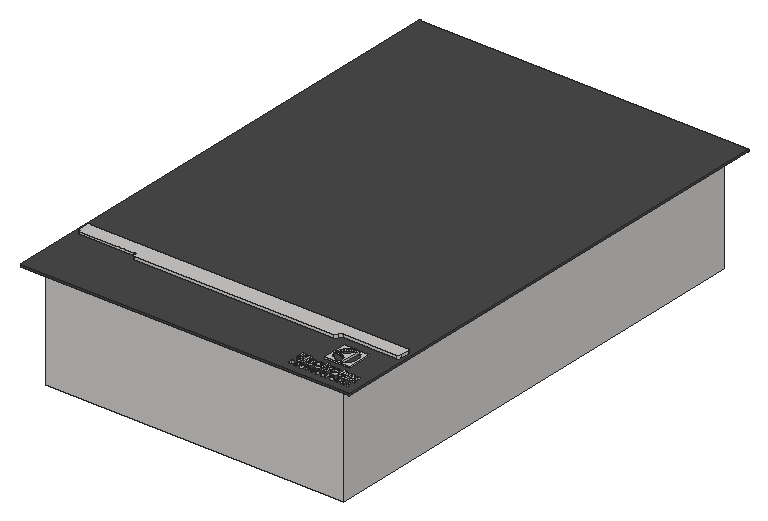
Revit family "QF_ELECTROLUXPROFESSIONAL_600900_E1HDEDOMCU", category Specialty Equipment, Revit 2018
Family settings
  Round Connector Dimension = Use Diameter
  Part Type = Normal
  Work Plane-Based = No
  Always vertical = Yes
  Cut with Voids When Loaded = No
  Shared = No
  Room Calculation Point = No
Parameters (values of type "Standard")
  Watts = 0 W
  Volts = 220 V
  URL = "http://professional.electrolux.com"
  Steam Supply Size = 0 mm
  Steam Supply Minimum Pressure = 0.0 Pa
  Steam Supply Maximum Pressure = 0.0 Pa
  Steam Pounds per Hour = 0
  Show Logo [instance] = yes
  Manufacturer = "Electrolux Professional"
  Phase = 1
  Model = "E1HDEDOMCS"
  Item Number = "600876"
  Hot Water Size = 0 mm
  HP = "4 HP"
  Gas Size = 0 mm
  Gas KW = 0
  Direct Waste Size = 0 mm
  Description = "PLUG-IN INDUCTION MONO ZONE COOK TOP, DROP-IN"
  Cycle = 60 Hz
  Condensate Return Size = 0 mm
  Compressed Air Volume = 0.0 L/s
  Compressed Air Size = 0 mm
  Compressed Air Pressure = 0.0 Pa
  Cold Water Size = 0 mm
Values of the unnamed type that differ from the named types
  Volts = 0 V
  Item Number = ""
  Cycle = 0 Hz
Reference planes
  plane 1 "Centro (Fronte/Retro)": y = 74.737
  plane 2: z = 0
  plane 3: x = -514.269
  plane 4 "LEFT": x = -709.269
  plane 5 "RIGHT": x = -319.269
  plane 6 "BACK": y = 369.737
  plane 7 "FRONT": y = -220.263
  plane 8: y = -124.263
  plane 9: z = 774
  plane 10: x = -690.269
  plane 11: x = -338.269
  plane 12: y = 355.737
  plane 13: y = -205.263
  plane 14: x = -442.269
  plane 15: y = 179.737
  plane 16: z = 900
Forms (mm)
  Extrusion 1, solid, material "QF_Finishes_Stainless Steel"
    sketch origin (0, 0, 774) x (1, 0, 0) y (0, 1, 0)
      loop
        line (-341.269, 352.737) -> (-687.269, 352.737) -> (-687.269, -202.263) -> (-341.269, -202.263) -> (-341.269, 352.737)
      loop
        line (-690.269, 355.737) -> (-690.269, -205.263) -> (-338.269, -205.263) -> (-338.269, 355.737) -> (-690.269, 355.737)
    from 21 to 126
  Extrusion 2, solid, material "QF_Finishes_Black"
    sketch origin (0, 0, 900) x (-1, 0, 0) y (0, -1, 0)
      loop
        arc (707.269, -369.737) -> (708.683, -369.151) -> (709.269, -367.737) r 2
        line (709.269, -367.737) -> (709.269, 218.263)
        arc (709.269, 218.263) -> (708.683, 219.677) -> (707.269, 220.263) r 2
        line (707.269, 220.263) -> (321.269, 220.263)
        arc (321.269, 220.263) -> (319.854, 219.677) -> (319.269, 218.263) r 2
        line (319.269, 218.263) -> (319.269, -367.737)
        arc (319.269, -367.737) -> (319.854, -369.151) -> (321.269, -369.737) r 2
        line (321.269, -369.737) -> (707.269, -369.737)
    from 0 to 2
  Extrusion 3, solid, material "QF_Finishes_Stainless Steel"
    sketch origin (0, 0, 900) x (-1, 0, 0) y (0, -1, 0)
      loop
        arc (701.269, 124.263) -> (703.39, 125.142) -> (704.269, 127.263) r 3
        line (704.269, 127.263) -> (704.269, 137.763)
        arc (704.269, 137.763) -> (703.39, 139.884) -> (701.269, 140.763) r 3
        line (701.269, 140.763) -> (637.269, 140.763)
        arc (637.269, 140.763) -> (635.147, 141.642) -> (634.269, 143.763) r 3
        arc (634.269, 143.763) -> (633.39, 145.884) -> (631.269, 146.763) r 3
        line (631.269, 146.763) -> (397.269, 146.763)
        arc (397.269, 146.763) -> (395.147, 145.884) -> (394.269, 143.763) r 3
        arc (394.269, 143.763) -> (393.39, 141.642) -> (391.269, 140.763) r 3
        line (391.269, 140.763) -> (327.269, 140.763)
        arc (327.269, 140.763) -> (325.147, 139.884) -> (324.269, 137.763) r 3
        line (324.269, 137.763) -> (324.269, 127.263)
        arc (324.269, 127.263) -> (325.147, 125.142) -> (327.269, 124.263) r 3
        line (327.269, 124.263) -> (701.269, 124.263)
    from 2 to 5
  Extrusion 4, solid, material "QF_Finishes_Stainless Steel"
    sketch origin (0, 0, 775) x (1, 0, 0) y (0, 1, 0)
      loop
        line (-690.269, 355.737) -> (-690.269, -205.263) -> (-338.269, -205.263) -> (-338.269, 355.737) -> (-690.269, 355.737)
    from 0 to 20
  Extrusion 5, solid, material "QF_Finishes_Stainless Steel"
    sketch origin (0, 0, 127) x (-1, 0, 0) y (0, -1, 0)
      loop
        circle (442.269, -179.737) r 10
    from 638.028 to 648
Cuts and joins
  joined: Extrusion 1, Extrusion 4
Lines and regions (mm)
  Split face 1
    outline origin (0, 0, 902) x (-1, 0, 0) y (0, -1, 0)
      loop
        line (324.269, 124.263) -> (324.269, -364.737) -> (704.269, -364.737) -> (704.269, 124.263) -> (324.269, 124.263)
  Split face 2
    outline origin (0, 0, 902) x (-1, 0, 0) y (0, -1, 0)
      loop
        line (704.269, -364.737) -> (704.269, 124.263) -> (324.269, 124.263) -> (324.269, -364.737) -> (704.269, -364.737)
  Split face 3
    outline origin (0, 0, 902) x (-1, 0, 0) y (0, -1, 0)
      loop
        circle (514.269, -120.237) r 139
  symbolic lines
    curve 1: arc (-375.269, 120.237, 126) -> (-514.269, 259.237, 126) -> (-653.269, 120.237, 126) r 139
    curve 2: arc (-653.269, 120.237, 126) -> (-514.269, -18.763, 126) -> (-375.269, 120.237, 126) r 139
    curve 3: line (-701.269, -140.763, 126) -> (-637.269, -140.763, 126)
    curve 4: arc (-637.269, -140.763, 126) -> (-635.147, -141.642, 126) -> (-634.269, -143.763, 126) r 3
    curve 5: arc (-634.269, -143.763, 126) -> (-633.39, -145.884, 126) -> (-631.269, -146.763, 126) r 3
    curve 6: line (-631.269, -146.763, 126) -> (-397.269, -146.763, 126)
    curve 7: arc (-397.269, -146.763, 126) -> (-395.147, -145.884, 126) -> (-394.269, -143.763, 126) r 3
    curve 8: arc (-394.269, -143.763, 126) -> (-393.39, -141.642, 126) -> (-391.269, -140.763, 126) r 3
    curve 9: line (-391.269, -140.763, 126) -> (-327.269, -140.763, 126)
    curve 10: arc (-327.269, -140.763, 126) -> (-325.147, -139.884, 126) -> (-324.269, -137.763, 126) r 3
    curve 11: line (-324.269, -137.763, 126) -> (-324.269, -127.263, 126)
    curve 12: arc (-324.269, -127.263, 126) -> (-325.147, -125.142, 126) -> (-327.269, -124.263, 126) r 3
    curve 13: line (-324.269, -124.263, 126) -> (-704.269, -124.263, 126)
    curve 14: arc (-701.269, -124.263, 126) -> (-703.39, -125.142, 126) -> (-704.269, -127.263, 126) r 3
    curve 15: line (-704.269, -127.263, 126) -> (-704.269, -137.763, 126)
    curve 16: arc (-704.269, -137.763, 126) -> (-703.39, -139.884, 126) -> (-701.269, -140.763, 126) r 3
    curve 17: line (-704.269, -124.263, 126) -> (-704.269, 364.737, 126)
    curve 18: line (-324.269, 364.737, 126) -> (-324.269, -124.263, 126)
    curve 19: line (-704.269, 364.737, 126) -> (-324.269, 364.737, 126)
    curve 20: line (-321.269, 369.737, 126) -> (-707.269, 369.737, 126)
    curve 21: arc (-707.269, 369.737, 126) -> (-708.683, 369.151, 126) -> (-709.269, 367.737, 126) r 2
    curve 22: line (-709.269, 367.737, 126) -> (-709.269, -218.263, 126)
    curve 23: arc (-709.269, -218.263, 126) -> (-708.683, -219.677, 126) -> (-707.269, -220.263, 126) r 2
    curve 24: line (-707.269, -220.263, 126) -> (-321.269, -220.263, 126)
    curve 25: arc (-321.269, -220.263, 126) -> (-319.854, -219.677, 126) -> (-319.269, -218.263, 126) r 2
    curve 26: line (-319.269, -218.263, 126) -> (-319.269, 367.737, 126)
    curve 27: arc (-319.269, 367.737, 126) -> (-319.854, 369.151, 126) -> (-321.269, 369.737, 126) r 2
    curve 28: line (-378.626, -153.452, 126) -> (-378.626, -182.168, 126)
    curve 29: line (-349.912, -153.452, 126) -> (-378.626, -153.452, 126)
    curve 30: line (-349.912, -182.168, 126) -> (-349.912, -153.452, 126)
    curve 31: line (-378.626, -182.168, 126) -> (-349.912, -182.168, 126)
    curve 32: line (-366.78, -170.975, 126) -> (-365.524, -171.98, 126)
    curve 33: line (-365.524, -171.98, 126) -> (-364.403, -173.12, 126)
    curve 34: line (-364.403, -173.12, 126) -> (-363.439, -174.381, 126)
    curve 35: line (-363.439, -174.381, 126) -> (-362.652, -175.748, 126)
    curve 36: arc (-362.652, -175.748, 126) -> (-361.85, -177.982, 126) -> (-361.568, -180.34, 126) r 10.532
    curve 37: arc (-361.568, -180.34, 126) -> (-362.906, -180.548, 126) -> (-364.258, -180.63, 126) r 14.39
    curve 38: line (-364.258, -180.63, 126) -> (-365.828, -180.532, 126)
    curve 39: line (-365.828, -180.532, 126) -> (-367.331, -180.252, 126)
    curve 40: line (-367.331, -180.252, 126) -> (-368.77, -179.801, 126)
    curve 41: line (-368.77, -179.801, 126) -> (-370.134, -179.191, 126)
    curve 42: line (-370.134, -179.191, 126) -> (-371.411, -178.434, 126)
    curve 43: line (-371.411, -178.434, 126) -> (-372.589, -177.541, 126)
    curve 44: line (-372.589, -177.541, 126) -> (-373.656, -176.525, 126)
    curve 45: line (-373.656, -176.525, 126) -> (-374.6, -175.397, 126)
    curve 46: line (-374.6, -175.397, 126) -> (-375.41, -174.168, 126)
    curve 47: line (-375.41, -174.168, 126) -> (-376.073, -172.852, 126)
    curve 48: line (-376.073, -172.852, 126) -> (-376.579, -171.46, 126)
    curve 49: line (-376.579, -171.46, 126) -> (-376.915, -170.003, 126)
    curve 50: line (-376.915, -170.003, 126) -> (-377.069, -168.493, 126)
    curve 51: line (-377.069, -168.493, 126) -> (-374.35, -168.493, 126)
    curve 52: line (-374.35, -168.493, 126) -> (-372.734, -168.602, 126)
    curve 53: line (-372.734, -168.602, 126) -> (-371.148, -168.919, 126)
    curve 54: line (-371.148, -168.919, 126) -> (-369.613, -169.43, 126)
    curve 55: line (-369.613, -169.43, 126) -> (-368.15, -170.12, 126)
    curve 56: line (-368.15, -170.12, 126) -> (-366.78, -170.975, 126)
    curve 57: line (-364.403, -162.507, 126) -> (-365.524, -163.648, 126)
    curve 58: line (-365.524, -163.648, 126) -> (-366.781, -164.654, 126)
    curve 59: line (-366.781, -164.654, 126) -> (-368.151, -165.509, 126)
    curve 60: line (-368.151, -165.509, 126) -> (-369.615, -166.2, 126)
    curve 61: line (-369.615, -166.2, 126) -> (-371.15, -166.712, 126)
    curve 62: line (-371.15, -166.712, 126) -> (-372.736, -167.029, 126)
    curve 63: line (-372.736, -167.029, 126) -> (-374.352, -167.138, 126)
    curve 64: line (-374.352, -167.138, 126) -> (-377.067, -167.138, 126)
    curve 65: line (-377.067, -167.138, 126) -> (-376.852, -165.495, 126)
    curve 66: line (-376.852, -165.495, 126) -> (-376.439, -163.92, 126)
    curve 67: line (-376.439, -163.92, 126) -> (-375.841, -162.424, 126)
    curve 68: line (-375.841, -162.424, 126) -> (-375.07, -161.023, 126)
    curve 69: line (-375.07, -161.023, 126) -> (-374.141, -159.732, 126)
    curve 70: line (-374.141, -159.732, 126) -> (-373.065, -158.564, 126)
    curve 71: line (-373.065, -158.564, 126) -> (-371.856, -157.535, 126)
    curve 72: line (-371.856, -157.535, 126) -> (-370.527, -156.661, 126)
    curve 73: line (-370.527, -156.661, 126) -> (-369.091, -155.954, 126)
    curve 74: line (-369.091, -155.954, 126) -> (-367.562, -155.431, 126)
    curve 75: line (-367.562, -155.431, 126) -> (-365.952, -155.107, 126)
    curve 76: arc (-365.952, -155.107, 126) -> (-363.752, -155.007, 126) -> (-361.567, -155.279, 126) r 13.008
    curve 77: arc (-361.567, -155.279, 126) -> (-361.815, -157.647, 126) -> (-362.651, -159.876, 126) r 9.395
    curve 78: line (-362.651, -159.876, 126) -> (-363.438, -161.245, 126)
    curve 79: line (-363.438, -161.245, 126) -> (-364.403, -162.507, 126)
    curve 80: line (-360.221, -179.969, 126) -> (-360.221, -155.646, 126)
    curve 81: line (-360.221, -155.646, 126) -> (-358.743, -156.237, 126)
    curve 82: line (-358.743, -156.237, 126) -> (-357.363, -157.003, 126)
    curve 83: line (-357.363, -157.003, 126) -> (-356.095, -157.931, 126)
    curve 84: line (-356.095, -157.931, 126) -> (-354.951, -159.007, 126)
    curve 85: line (-354.951, -159.007, 126) -> (-353.945, -160.217, 126)
    curve 86: line (-353.945, -160.217, 126) -> (-353.092, -161.548, 126)
    curve 87: line (-353.092, -161.548, 126) -> (-352.403, -162.986, 126)
    curve 88: line (-352.403, -162.986, 126) -> (-351.894, -164.517, 126)
    curve 89: line (-351.894, -164.517, 126) -> (-351.576, -166.128, 126)
    curve 90: line (-351.576, -166.128, 126) -> (-351.464, -167.804, 126)
    curve 91: line (-351.464, -167.804, 126) -> (-351.567, -169.456, 126)
    curve 92: line (-351.567, -169.456, 126) -> (-351.873, -171.047, 126)
    curve 93: line (-351.873, -171.047, 126) -> (-352.372, -172.563, 126)
    curve 94: line (-352.372, -172.563, 126) -> (-353.05, -173.992, 126)
    curve 95: line (-353.05, -173.992, 126) -> (-353.897, -175.319, 126)
    curve 96: line (-353.897, -175.319, 126) -> (-354.899, -176.532, 126)
    curve 97: line (-354.899, -176.532, 126) -> (-356.044, -177.617, 126)
    curve 98: line (-356.044, -177.617, 126) -> (-357.321, -178.56, 126)
    curve 99: line (-357.321, -178.56, 126) -> (-358.718, -179.349, 126)
    curve 100: line (-358.718, -179.349, 126) -> (-360.221, -179.969, 126)
    curve 101: line (-392.542, -189.445, 126) -> (-399.495, -189.445, 126)
    curve 102: line (-399.495, -189.445, 126) -> (-399.495, -193.353, 126)
    curve 103: line (-399.495, -193.353, 126) -> (-399.495, -197.154, 126)
    curve 104: arc (-399.495, -197.154, 126) -> (-398.466, -199.638, 126) -> (-395.982, -200.667, 126) r 3.513
    curve 105: line (-395.982, -200.667, 126) -> (-392.408, -200.667, 126)
    curve 106: line (-392.408, -200.667, 126) -> (-392.408, -198.85, 126)
    curve 107: line (-392.408, -198.85, 126) -> (-395.966, -198.85, 126)
    curve 108: arc (-395.966, -198.85, 126) -> (-397.094, -198.382, 126) -> (-397.562, -197.254, 126) r 1.596
    curve 109: line (-397.562, -197.254, 126) -> (-397.562, -195.74, 126)
    curve 110: line (-397.562, -195.74, 126) -> (-392.843, -195.74, 126)
    curve 111: line (-392.843, -195.74, 126) -> (-392.843, -193.917, 126)
    curve 112: line (-392.843, -193.917, 126) -> (-397.563, -193.917, 126)
    curve 113: line (-397.563, -193.917, 126) -> (-397.563, -191.264, 126)
    curve 114: line (-397.563, -191.264, 126) -> (-392.542, -191.264, 126)
    curve 115: line (-392.542, -191.264, 126) -> (-392.542, -189.445, 126)
    curve 116: line (-391.035, -189.455, 126) -> (-391.035, -194.76, 126)
    curve 117: line (-391.035, -194.76, 126) -> (-391.035, -200.681, 126)
    curve 118: line (-391.035, -200.681, 126) -> (-389.101, -200.681, 126)
    curve 119: line (-389.101, -200.681, 126) -> (-389.101, -194.721, 126)
    curve 120: line (-389.101, -194.721, 126) -> (-389.101, -189.455, 126)
    curve 121: line (-389.101, -189.455, 126) -> (-391.035, -189.455, 126)
    curve 122: arc (-380.394, -193.787, 126) -> (-383.654, -192.313, 126) -> (-386.913, -193.787, 126) r 4.34
    curve 123: arc (-386.913, -193.787, 126) -> (-387.819, -196.606, 126) -> (-386.913, -199.425, 126) r 4.838
    curve 124: arc (-386.913, -199.425, 126) -> (-383.498, -200.88, 126) -> (-380.082, -199.425, 126) r 4.737
    curve 125: line (-380.082, -199.425, 126) -> (-381.246, -198.293, 126)
    curve 126: arc (-381.246, -198.293, 126) -> (-383.382, -199.237, 126) -> (-385.517, -198.293, 126) r 2.888
    curve 127: arc (-385.517, -198.293, 126) -> (-385.841, -197.736, 126) -> (-385.905, -197.095, 126) r 1.527
    curve 128: line (-385.905, -197.095, 126) -> (-379.564, -197.095, 126)
    curve 129: arc (-379.564, -197.095, 126) -> (-379.672, -195.364, 126) -> (-380.394, -193.787, 126) r 4.757
    curve 130: arc (-385.858, -195.736, 126) -> (-385.043, -194.411, 126) -> (-383.56, -193.941, 126) r 2.23
    curve 131: arc (-383.56, -193.941, 126) -> (-382.221, -194.482, 126) -> (-381.505, -195.736, 126) r 2.201
    curve 132: line (-381.505, -195.736, 126) -> (-385.858, -195.736, 126)
    curve 133: arc (-370.832, -193.681, 126) -> (-378.564, -196.594, 126) -> (-370.832, -199.507, 126) r 4.415
    curve 134: line (-370.832, -199.507, 126) -> (-372.029, -198.26, 126)
    curve 135: arc (-372.029, -198.26, 126) -> (-376.639, -196.593, 126) -> (-372.029, -194.927, 126) r 2.606
    curve 136: line (-372.029, -194.927, 126) -> (-370.832, -193.681, 126)
    curve 137: line (-369.629, -189.455, 126) -> (-369.629, -193.481, 126)
    curve 138: line (-369.629, -193.481, 126) -> (-369.629, -197.299, 126)
    curve 139: arc (-369.629, -197.299, 126) -> (-368.592, -199.893, 126) -> (-365.911, -200.681, 126) r 3.196
    curve 140: line (-365.911, -200.681, 126) -> (-365.904, -198.864, 126)
    curve 141: arc (-365.904, -198.864, 126) -> (-367.239, -198.457, 126) -> (-367.699, -197.14, 126) r 1.542
    curve 142: line (-367.699, -197.14, 126) -> (-367.699, -194.319, 126)
    curve 143: line (-367.699, -194.319, 126) -> (-365.94, -194.319, 126)
    curve 144: line (-365.94, -194.319, 126) -> (-365.94, -192.562, 126)
    curve 145: line (-365.94, -192.562, 126) -> (-367.696, -192.562, 126)
    curve 146: line (-367.696, -192.562, 126) -> (-367.696, -189.455, 126)
    curve 147: line (-367.696, -189.455, 126) -> (-369.629, -189.455, 126)
    curve 148: arc (-359.402, -192.451, 126) -> (-361.13, -192.587, 126) -> (-362.397, -193.771, 126) r 2.627
    curve 149: line (-362.397, -193.771, 126) -> (-362.397, -192.563, 126)
    curve 150: line (-362.397, -192.563, 126) -> (-364.315, -192.563, 126)
    curve 151: line (-364.315, -192.563, 126) -> (-364.315, -196.541, 126)
    curve 152: line (-364.315, -196.541, 126) -> (-364.315, -200.681, 126)
    curve 153: line (-364.315, -200.681, 126) -> (-362.397, -200.681, 126)
    curve 154: line (-362.397, -200.681, 126) -> (-362.397, -196.412, 126)
    curve 155: arc (-362.397, -196.412, 126) -> (-361.445, -194.585, 126) -> (-359.402, -194.319, 126) r 2.229
    curve 156: line (-359.402, -194.319, 126) -> (-359.402, -192.451, 126)
    curve 157: arc (-359.088, -196.625, 126) -> (-354.668, -201.046, 126) -> (-350.248, -196.625, 126) r 4.42
    curve 158: arc (-350.248, -196.625, 126) -> (-354.668, -192.205, 126) -> (-359.088, -196.625, 126) r 4.42
    curve 159: arc (-357.176, -196.625, 126) -> (-354.668, -194.117, 126) -> (-352.16, -196.625, 126) r 2.508
    curve 160: arc (-352.16, -196.625, 126) -> (-354.668, -199.134, 126) -> (-357.176, -196.625, 126) r 2.508
    curve 161: line (-349.058, -194.566, 126) -> (-349.058, -200.682, 126)
    curve 162: line (-349.058, -200.682, 126) -> (-347.124, -200.682, 126)
    curve 163: line (-347.124, -200.682, 126) -> (-347.124, -194.643, 126)
    curve 164: line (-347.124, -194.643, 126) -> (-347.124, -189.454, 126)
    curve 165: line (-347.124, -189.454, 126) -> (-349.058, -189.454, 126)
    curve 166: line (-349.058, -189.454, 126) -> (-349.058, -194.566, 126)
    curve 167: line (-345.646, -192.562, 126) -> (-345.646, -194.915, 126)
    curve 168: line (-345.646, -194.915, 126) -> (-345.646, -197.715, 126)
    curve 169: arc (-345.646, -197.715, 126) -> (-341.931, -201.044, 126) -> (-338.204, -197.728, 126) r 3.745
    curve 170: line (-338.204, -197.728, 126) -> (-338.204, -194.915, 126)
    curve 171: line (-338.204, -194.915, 126) -> (-338.204, -192.562, 126)
    curve 172: line (-338.204, -192.562, 126) -> (-340.152, -192.562, 126)
    curve 173: line (-340.152, -192.562, 126) -> (-340.152, -197.299, 126)
    curve 174: arc (-340.152, -197.299, 126) -> (-341.925, -199.071, 126) -> (-343.697, -197.299, 126) r 1.772
    curve 175: line (-343.697, -197.299, 126) -> (-343.697, -192.562, 126)
    curve 176: line (-343.697, -192.562, 126) -> (-345.646, -192.562, 126)
    curve 177: line (-331.418, -192.563, 126) -> (-333.174, -194.995, 126)
    curve 178: line (-333.174, -194.995, 126) -> (-334.946, -192.563, 126)
    curve 179: line (-334.946, -192.563, 126) -> (-337.039, -192.563, 126)
    curve 180: line (-337.039, -192.563, 126) -> (-335.839, -194.205, 126)
    curve 181: line (-335.839, -194.205, 126) -> (-334.237, -196.397, 126)
    curve 182: line (-334.237, -196.397, 126) -> (-335.916, -198.735, 126)
    curve 183: line (-335.916, -198.735, 126) -> (-337.313, -200.682, 126)
    curve 184: line (-337.313, -200.682, 126) -> (-335.235, -200.682, 126)
    curve 185: line (-335.235, -200.682, 126) -> (-333.174, -197.813, 126)
    curve 186: line (-333.174, -197.813, 126) -> (-331.112, -200.682, 126)
    curve 187: line (-331.112, -200.682, 126) -> (-329.034, -200.682, 126)
    curve 188: line (-329.034, -200.682, 126) -> (-330.891, -198.085, 126)
    curve 189: line (-330.891, -198.085, 126) -> (-332.11, -196.38, 126)
    curve 190: line (-332.11, -196.38, 126) -> (-330.601, -194.325, 126)
    curve 191: line (-330.601, -194.325, 126) -> (-329.308, -192.563, 126)
    curve 192: line (-329.308, -192.563, 126) -> (-331.418, -192.563, 126)
    curve 193: line (-331.398, -205.699, 126) -> (-331.398, -209.59, 126)
    curve 194: line (-331.398, -209.59, 126) -> (-329.102, -209.59, 126)
    curve 195: line (-329.102, -209.59, 126) -> (-329.102, -208.79, 126)
    curve 196: line (-329.102, -208.79, 126) -> (-330.599, -208.79, 126)
    curve 197: line (-330.599, -208.79, 126) -> (-330.599, -205.699, 126)
    curve 198: line (-330.599, -205.699, 126) -> (-331.398, -205.699, 126)
    curve 199: line (-334.574, -209.59, 126) -> (-336.095, -205.7, 126)
    curve 200: line (-336.095, -205.7, 126) -> (-336.895, -205.7, 126)
    curve 201: line (-336.895, -205.7, 126) -> (-338.488, -209.59, 126)
    curve 202: line (-338.488, -209.59, 126) -> (-337.629, -209.59, 126)
    curve 203: line (-337.629, -209.59, 126) -> (-337.25, -208.75, 126)
    curve 204: line (-337.25, -208.75, 126) -> (-335.811, -208.75, 126)
    curve 205: line (-335.811, -208.75, 126) -> (-335.432, -209.59, 126)
    curve 206: line (-335.432, -209.59, 126) -> (-334.574, -209.59, 126)
    curve 207: line (-336.947, -207.983, 126) -> (-336.529, -206.965, 126)
    curve 208: line (-336.529, -206.965, 126) -> (-336.131, -207.983, 126)
    curve 209: line (-336.131, -207.983, 126) -> (-336.947, -207.983, 126)
    curve 210: line (-341.641, -209.59, 126) -> (-341.641, -205.699, 126)
    curve 211: line (-341.641, -205.699, 126) -> (-342.471, -205.699, 126)
    curve 212: line (-342.471, -205.699, 126) -> (-342.471, -208.219, 126)
    curve 213: line (-342.471, -208.219, 126) -> (-344.251, -205.699, 126)
    curve 214: line (-344.251, -205.699, 126) -> (-345.051, -205.699, 126)
    curve 215: line (-345.051, -205.699, 126) -> (-345.051, -209.59, 126)
    curve 216: line (-345.051, -209.59, 126) -> (-344.221, -209.59, 126)
    curve 217: line (-344.221, -209.59, 126) -> (-344.221, -207.143, 126)
    curve 218: line (-344.221, -207.143, 126) -> (-342.441, -209.59, 126)
    curve 219: line (-342.441, -209.59, 126) -> (-341.641, -209.59, 126)
    curve 220: arc (-349.119, -207.668, 126) -> (-350.407, -208.956, 126) -> (-351.695, -207.668, 126) r 1.288
    curve 221: arc (-351.695, -207.668, 126) -> (-350.407, -206.38, 126) -> (-349.119, -207.668, 126) r 1.288
    curve 222: arc (-348.342, -207.668, 126) -> (-350.407, -205.603, 126) -> (-352.472, -207.668, 126) r 2.065
    curve 223: arc (-352.472, -207.668, 126) -> (-350.407, -209.733, 126) -> (-348.342, -207.668, 126) r 2.065
    curve 224: line (-355.791, -209.59, 126) -> (-355.791, -205.699, 126)
    curve 225: line (-355.791, -205.699, 126) -> (-356.591, -205.699, 126)
    curve 226: line (-356.591, -205.699, 126) -> (-356.591, -209.59, 126)
    curve 227: line (-356.591, -209.59, 126) -> (-355.791, -209.59, 126)
    curve 228: arc (-360.746, -209.568, 126) -> (-359.926, -208.793, 126) -> (-360.211, -207.702, 126) r 1.107
    curve 229: arc (-360.211, -207.702, 126) -> (-360.788, -207.348, 126) -> (-361.405, -207.067, 126) r 5.523
    curve 230: arc (-361.405, -207.067, 126) -> (-361.745, -206.55, 126) -> (-361.183, -206.293, 126) r 0.407
    curve 231: arc (-361.183, -206.293, 126) -> (-360.846, -206.498, 126) -> (-360.566, -206.775, 126) r 1.702
    curve 232: line (-360.566, -206.775, 126) -> (-359.88, -206.363, 126)
    curve 233: arc (-359.88, -206.363, 126) -> (-360.313, -205.902, 126) -> (-360.848, -205.566, 126) r 2.463
    curve 234: arc (-360.848, -205.566, 126) -> (-362.518, -206.347, 126) -> (-361.471, -207.864, 126) r 1.207
    curve 235: line (-361.471, -207.864, 126) -> (-361.009, -208.812, 126)
    curve 236: arc (-361.009, -208.812, 126) -> (-361.653, -208.798, 126) -> (-362.132, -208.367, 126) r 0.925
    curve 237: line (-362.132, -208.367, 126) -> (-362.851, -208.718, 126)
    curve 238: arc (-362.851, -208.718, 126) -> (-361.958, -209.538, 126) -> (-360.746, -209.568, 126) r 1.725
    curve 239: arc (-366.606, -209.568, 126) -> (-365.785, -208.793, 126) -> (-366.071, -207.702, 126) r 1.107
    curve 240: arc (-366.071, -207.702, 126) -> (-366.648, -207.348, 126) -> (-367.264, -207.067, 126) r 5.523
    curve 241: arc (-367.264, -207.067, 126) -> (-367.604, -206.55, 126) -> (-367.043, -206.293, 126) r 0.407
    curve 242: arc (-367.043, -206.293, 126) -> (-366.706, -206.498, 126) -> (-366.425, -206.775, 126) r 1.702
    curve 243: line (-366.425, -206.775, 126) -> (-365.74, -206.363, 126)
    curve 244: arc (-365.74, -206.363, 126) -> (-366.172, -205.902, 126) -> (-366.708, -205.566, 126) r 2.463
    curve 245: arc (-366.708, -205.566, 126) -> (-368.378, -206.347, 126) -> (-367.331, -207.864, 126) r 1.207
    curve 246: line (-367.331, -207.864, 126) -> (-366.868, -208.812, 126)
    curve 247: arc (-366.868, -208.812, 126) -> (-367.513, -208.798, 126) -> (-367.991, -208.367, 126) r 0.925
    curve 248: line (-367.991, -208.367, 126) -> (-368.711, -208.718, 126)
    curve 249: arc (-368.711, -208.718, 126) -> (-367.818, -209.538, 126) -> (-366.606, -209.568, 126) r 1.725
    curve 250: line (-373.017, -209.59, 126) -> (-371.761, -209.59, 126)
    curve 251: line (-371.761, -209.59, 126) -> (-371.761, -208.79, 126)
    curve 252: line (-371.761, -208.79, 126) -> (-372.922, -208.79, 126)
    curve 253: arc (-372.922, -208.79, 126) -> (-373.361, -208.576, 126) -> (-373.464, -208.099, 126) r 0.558
    curve 254: line (-373.464, -208.099, 126) -> (-371.907, -208.099, 126)
    curve 255: line (-371.907, -208.099, 126) -> (-371.907, -207.299, 126)
    curve 256: line (-371.907, -207.299, 126) -> (-373.464, -207.299, 126)
    curve 257: line (-373.464, -207.299, 126) -> (-373.464, -206.499, 126)
    curve 258: line (-373.464, -206.499, 126) -> (-371.799, -206.499, 126)
    curve 259: line (-371.799, -206.499, 126) -> (-371.799, -205.699, 126)
    curve 260: line (-371.799, -205.699, 126) -> (-374.264, -205.699, 126)
    curve 261: line (-374.264, -205.699, 126) -> (-374.264, -208.344, 126)
    curve 262: arc (-374.264, -208.344, 126) -> (-373.899, -209.225, 126) -> (-373.017, -209.59, 126) r 1.246
    curve 263: line (-379.169, -209.59, 126) -> (-379.169, -208.099, 126)
    curve 264: line (-379.169, -208.099, 126) -> (-377.704, -208.099, 126)
    curve 265: line (-377.704, -208.099, 126) -> (-377.704, -207.299, 126)
    curve 266: line (-377.704, -207.299, 126) -> (-379.169, -207.299, 126)
    curve 267: line (-379.169, -207.299, 126) -> (-379.169, -206.499, 126)
    curve 268: line (-379.169, -206.499, 126) -> (-377.564, -206.499, 126)
    curve 269: line (-377.564, -206.499, 126) -> (-377.564, -205.699, 126)
    curve 270: line (-377.564, -205.699, 126) -> (-379.969, -205.699, 126)
    curve 271: line (-379.969, -205.699, 126) -> (-379.969, -209.59, 126)
    curve 272: line (-379.969, -209.59, 126) -> (-379.169, -209.59, 126)
    curve 273: arc (-387.472, -207.668, 126) -> (-385.407, -209.733, 126) -> (-383.342, -207.668, 126) r 2.065
    curve 274: arc (-384.119, -207.668, 126) -> (-385.407, -208.956, 126) -> (-386.695, -207.668, 126) r 1.288
    curve 275: arc (-386.695, -207.668, 126) -> (-385.407, -206.38, 126) -> (-384.119, -207.668, 126) r 1.288
    curve 276: arc (-383.342, -207.668, 126) -> (-385.407, -205.603, 126) -> (-387.472, -207.668, 126) r 2.065
    curve 277: line (-390.05, -209.59, 126) -> (-391.058, -207.929, 126)
    curve 278: arc (-391.058, -207.929, 126) -> (-390.677, -206.531, 126) -> (-391.863, -205.699, 126) r 1.26
    curve 279: line (-391.863, -205.699, 126) -> (-393.389, -205.699, 126)
    curve 280: line (-393.389, -205.699, 126) -> (-393.389, -209.59, 126)
    curve 281: line (-393.389, -209.59, 126) -> (-392.589, -209.59, 126)
    curve 282: line (-392.589, -209.59, 126) -> (-392.589, -208.249, 126)
    curve 283: line (-392.589, -208.249, 126) -> (-391.763, -208.249, 126)
    curve 284: line (-391.763, -208.249, 126) -> (-390.957, -209.59, 126)
    curve 285: line (-390.957, -209.59, 126) -> (-390.05, -209.59, 126)
    curve 286: line (-391.782, -207.52, 126) -> (-392.589, -207.52, 126)
    curve 287: line (-392.589, -207.52, 126) -> (-392.589, -206.434, 126)
    curve 288: line (-392.589, -206.434, 126) -> (-391.782, -206.434, 126)
    curve 289: arc (-391.782, -206.434, 126) -> (-391.383, -206.977, 126) -> (-391.782, -207.52, 126) r 0.569
    curve 290: line (-398.667, -209.59, 126) -> (-398.667, -208.271, 126)
    curve 291: line (-398.667, -208.271, 126) -> (-397.697, -208.271, 126)
    curve 292: arc (-397.697, -208.271, 126) -> (-396.674, -206.863, 126) -> (-397.967, -205.699, 126) r 1.3
    curve 293: line (-397.967, -205.699, 126) -> (-399.467, -205.699, 126)
    curve 294: line (-399.467, -205.699, 126) -> (-399.467, -209.59, 126)
    curve 295: line (-399.467, -209.59, 126) -> (-398.667, -209.59, 126)
    curve 296: line (-397.861, -207.52, 126) -> (-398.667, -207.52, 126)
    curve 297: line (-398.667, -207.52, 126) -> (-398.667, -206.434, 126)
    curve 298: line (-398.667, -206.434, 126) -> (-397.861, -206.434, 126)
    curve 299: arc (-397.861, -206.434, 126) -> (-397.461, -206.977, 126) -> (-397.861, -207.52, 126) r 0.569
Dimensions and locks
  equal spacing: plane 4 "LEFT", plane 3, plane 5 "RIGHT"
  plane 4 "LEFT" to plane 5 "RIGHT" = 390 mm
  equal spacing: plane 6 "BACK", plane 1 "Centro (Fronte/Retro)", plane 7 "FRONT"
  plane 6 "BACK" to plane 7 "FRONT" = 590 mm
  locked: plane 4 "LEFT" to plane 10 at 19
  locked: plane 11 to plane 5 "RIGHT" at 19
  locked: plane 6 "BACK" to plane 12 at 14
  locked: plane 13 to plane 7 "FRONT" at 15
  locked: plane 14 to plane 5 "RIGHT" at 123
  plane 6 "BACK" to plane 15 = 190 mm
  plane 16 to level = 900 mm
  Extrusion 2 to Extrusion 4 = 127 mm
  aligned and locked: level to plane 2
Automatic sketch dimensions
  Extrusion 1 sketch curve to plane 10 = 0 mm
  Extrusion 1 sketch curve to plane 11 = 0 mm
  Extrusion 1 sketch curve to plane 13 = 0 mm
  Extrusion 1 sketch curve to plane 12 = 0 mm
  plane 10 to Extrusion 1 sketch curve = 3 mm
  Extrusion 1 sketch curve to plane 11 = 3 mm
  plane 13 to Extrusion 1 sketch curve = 3 mm
  Extrusion 1 sketch curve to plane 12 = 3 mm
  Extrusion 2 sketch curve to plane 5 "RIGHT" = 0 mm
  Extrusion 2 sketch curve to plane 6 "BACK" = 0 mm
  Extrusion 2 sketch curve to plane 7 "FRONT" = 0 mm
  Extrusion 2 sketch curve to plane 4 "LEFT" = 0 mm
  Extrusion 2 sketch curve to plane 5 "RIGHT" = 2 mm  (x2)
  plane 4 "LEFT" to Extrusion 2 sketch curve = 2 mm
  Extrusion 2 sketch curve to Extrusion 2 sketch curve = 2 mm
  Extrusion 3 sketch curve to plane 8 = 0 mm
  Extrusion 3 sketch curve to plane 5 "RIGHT" = 5 mm
  Extrusion 3 sketch curve to Extrusion 3 sketch curve = 3 mm  (x3)
  Extrusion 3 sketch curve to plane 8 = 19.5 mm
  Extrusion 3 sketch curve to plane 11 = 53 mm
  Extrusion 3 sketch curve to Extrusion 3 sketch curve = 6 mm  (x2)
  Extrusion 3 sketch curve to plane 8 = 22.5 mm
  plane 10 to Extrusion 3 sketch curve = 59 mm
  plane 4 "LEFT" to Extrusion 3 sketch curve = 8 mm  (x2)
  Extrusion 3 sketch curve to plane 8 = 3 mm
  Extrusion 3 sketch curve to Extrusion 3 sketch curve = 10.5 mm  (x2)
  Split face 1 sketch curve to Extrusion 2 = 5 mm  (x3)
  Split face 1 sketch curve to Extrusion 2 = 96 mm
  Extrusion 4 sketch curve to plane 10 = 0 mm
  Extrusion 4 sketch curve to plane 11 = 0 mm
  Extrusion 4 sketch curve to plane 13 = 0 mm
  Extrusion 4 sketch curve to plane 12 = 0 mm
  Extrusion 5 sketch curve to plane 14 = 0 mm
  Extrusion 5 sketch curve to plane 15 = 0 mm
  Split face 2 sketch curve to Extrusion 2 = 5 mm  (x3)
  Split face 2 sketch curve to Extrusion 2 = 96 mm
  Split face 3 sketch curve to Split face 3 sketch curve = 0 mm  (x2)
  Split face 3 sketch curve to Extrusion 2 = 195 mm
  Split face 3 sketch curve to Extrusion 2 = 249.5 mm
  Split face 3 sketch curve to Extrusion 2 = 56 mm
  curve 26 to plane 5 "RIGHT" = 0 mm
  curve 25 to plane 7 "FRONT" = 0 mm
  curve 27 to plane 6 "BACK" = 0 mm
  curve 13 to plane 8 = 0 mm
  curve 2 to plane 3 = 0 mm
  curve 22 to plane 4 "LEFT" = 0 mm
  curve 24 to plane 5 "RIGHT" = 2 mm
  curve 27 to plane 5 "RIGHT" = 2 mm
  curve 11 to plane 8 = 3 mm
  curve 11 to plane 5 "RIGHT" = 5 mm
  curve 27 to curve 19 = 3 mm
  curve 10 to curve 10 = 3 mm
  curve 8 to plane 8 = 19.5 mm
  plane 14 to curve 8 = 51 mm
  curve 8 to curve 6 = 6 mm
  curve 5 to plane 8 = 19.5 mm
  plane 10 to curve 5 = 59 mm
  curve 5 to curve 3 = 6 mm
  plane 4 "LEFT" to curve 3 = 8 mm
  curve 14 to plane 8 = 3 mm
  plane 4 "LEFT" to curve 14 = 8 mm
  plane 4 "LEFT" to curve 19 = 5 mm
  curve 21 to curve 22 = 2 mm
  curve 23 to curve 22 = 2 mm
  curve 27 to curve 18 = 3 mm
  curve 2 to plane 1 "Centro (Fronte/Retro)" = 45.5 mm
  curve 12 to curve 11 = 10.5 mm
  curve 14 to curve 16 = 10.5 mm
  curve 5 to curve 6 = 3 mm
  curve 1 to plane 11 = 37 mm
  curve 29 to curve 8 = 12.643 mm
  curve 8 to curve 28 = 9.689 mm
  curve 29 to plane 11 = 11.643 mm
  plane 13 to curve 30 = 23.095 mm
  curve 30 to curve 35 = 12.741 mm
  curve 36 to curve 34 = 0.787 mm
  curve 35 to curve 38 = 1.605 mm
  curve 34 to curve 33 = 0.964 mm
  curve 34 to curve 37 = 0.045 mm
  curve 34 to curve 32 = 1.121 mm
  curve 37 to curve 38 = 1.57 mm
  curve 33 to curve 56 = 1.256 mm
  curve 38 to curve 39 = 1.503 mm
  curve 56 to curve 55 = 1.37 mm
  curve 39 to curve 41 = 1.439 mm
  curve 55 to curve 54 = 1.463 mm
  curve 40 to curve 41 = 1.364 mm
  curve 55 to curve 53 = 1.535 mm
  curve 42 to curve 43 = 1.277 mm
  curve 43 to curve 36 = 0.689 mm
  curve 43 to curve 44 = 1.178 mm
  curve 53 to curve 53 = 1.586 mm
  curve 43 to curve 44 = 1.067 mm
  curve 53 to curve 52 = 1.616 mm
  curve 44 to curve 45 = 0.944 mm
  curve 45 to curve 47 = 0.81 mm
  curve 46 to curve 47 = 0.664 mm
  curve 47 to curve 48 = 0.506 mm
  curve 48 to curve 49 = 0.336 mm
  curve 50 to curve 50 = 0.154 mm
  curve 28 to curve 37 = 12.789 mm
  curve 37 to curve 50 = 2.252 mm
  curve 51 to curve 52 = 0.109 mm
  curve 52 to curve 53 = 0.317 mm
  curve 53 to curve 54 = 0.511 mm
  curve 50 to curve 50 = 1.51 mm
  curve 54 to curve 56 = 0.69 mm
  curve 55 to curve 56 = 0.855 mm
  curve 49 to curve 49 = 1.457 mm
  curve 32 to curve 32 = 1.005 mm
  curve 48 to curve 48 = 1.393 mm
  curve 32 to curve 33 = 1.14 mm
  curve 48 to curve 47 = 1.316 mm
  curve 33 to curve 34 = 1.261 mm
  curve 47 to curve 46 = 1.228 mm
  curve 35 to curve 35 = 1.367 mm
  curve 45 to curve 45 = 1.128 mm
  curve 45 to curve 43 = 1.016 mm
  curve 43 to curve 43 = 0.893 mm
  curve 42 to curve 42 = 0.757 mm
  curve 41 to curve 40 = 0.61 mm
  curve 40 to curve 39 = 0.451 mm
  curve 43 to curve 36 = 1.968 mm
  curve 39 to curve 38 = 0.28 mm
  curve 38 to curve 38 = 0.098 mm
  curve 78 to curve 37 = 1.797 mm
  curve 78 to curve 79 = 0.787 mm
  curve 76 to curve 37 = 0.187 mm
  curve 78 to curve 57 = 0.965 mm
  curve 57 to curve 57 = 1.121 mm
  curve 77 to curve 75 = 3.3 mm
  curve 57 to curve 58 = 1.256 mm
  curve 76 to curve 75 = 1.61 mm
  curve 59 to curve 60 = 1.37 mm
  curve 74 to curve 74 = 1.53 mm
  curve 59 to curve 61 = 1.464 mm
  curve 74 to curve 73 = 1.436 mm
  curve 72 to curve 77 = 0.433 mm
  curve 60 to curve 62 = 1.535 mm
  curve 72 to curve 71 = 1.329 mm
  curve 52 to curve 62 = 0.002 mm
  curve 71 to curve 71 = 1.209 mm
  curve 71 to curve 70 = 1.076 mm
  curve 51 to curve 64 = 0.002 mm
  curve 69 to curve 69 = 0.93 mm
  curve 68 to curve 68 = 0.771 mm
  curve 67 to curve 67 = 0.598 mm
  curve 66 to curve 66 = 0.413 mm
  curve 65 to curve 50 = 0.002 mm
  curve 75 to curve 37 = 11.134 mm
  curve 76 to curve 74 = 0.325 mm
  curve 74 to curve 77 = 0.059 mm
  curve 74 to curve 73 = 0.523 mm
  curve 77 to curve 73 = 1.171 mm
  curve 72 to curve 72 = 0.875 mm
  curve 71 to curve 71 = 1.029 mm
  curve 71 to curve 69 = 1.168 mm
  curve 75 to curve 78 = 4.77 mm
  curve 69 to curve 68 = 1.292 mm
  curve 78 to curve 78 = 1.368 mm
  curve 68 to curve 67 = 1.401 mm
  curve 78 to curve 57 = 1.262 mm
  curve 57 to curve 57 = 1.141 mm
  curve 67 to curve 66 = 1.495 mm
  curve 57 to curve 58 = 1.006 mm
  curve 66 to curve 65 = 1.575 mm
  curve 59 to curve 59 = 0.856 mm
  curve 59 to curve 60 = 0.691 mm
  curve 60 to curve 61 = 0.512 mm
  curve 62 to curve 52 = 1.573 mm
  curve 64 to curve 50 = 1.354 mm
  curve 37 to curve 76 = 1.764 mm
  curve 91 to curve 76 = 12.798 mm
  curve 91 to curve 92 = 0.102 mm
  curve 90 to curve 89 = 0.112 mm
  curve 91 to curve 92 = 0.306 mm
  curve 89 to curve 88 = 0.317 mm
  curve 92 to curve 93 = 0.499 mm
  curve 88 to curve 88 = 0.51 mm
  curve 94 to curve 94 = 0.679 mm
  curve 87 to curve 86 = 0.688 mm
  curve 94 to curve 95 = 0.846 mm
  curve 86 to curve 86 = 0.854 mm
  curve 96 to curve 97 = 1.002 mm
  curve 85 to curve 84 = 1.005 mm
  curve 96 to curve 98 = 1.146 mm
  curve 84 to curve 83 = 1.144 mm
  curve 97 to curve 99 = 1.277 mm
  curve 83 to curve 82 = 1.269 mm
  curve 98 to curve 99 = 1.396 mm
  curve 82 to curve 82 = 1.38 mm
  curve 100 to curve 37 = 1.347 mm
  curve 77 to curve 81 = 0.367 mm
  curve 80 to curve 81 = 0.591 mm
  curve 81 to curve 82 = 0.766 mm
  curve 82 to curve 84 = 0.928 mm
  curve 83 to curve 84 = 1.076 mm
  curve 84 to curve 85 = 1.21 mm
  curve 85 to curve 87 = 1.331 mm
  curve 86 to curve 88 = 1.438 mm
  curve 88 to curve 89 = 1.531 mm
  curve 88 to curve 90 = 1.611 mm
  curve 89 to curve 90 = 1.677 mm
  curve 91 to curve 91 = 1.652 mm
  curve 91 to curve 93 = 1.591 mm
  curve 92 to curve 94 = 1.516 mm
  curve 94 to curve 94 = 1.429 mm
  curve 94 to curve 95 = 1.327 mm
  curve 96 to curve 96 = 1.213 mm
  curve 96 to curve 98 = 1.085 mm
  curve 97 to curve 98 = 0.943 mm
  curve 98 to curve 100 = 0.789 mm
  curve 100 to curve 37 = 0.371 mm
  plane 13 to curve 106 = 4.596 mm
  curve 28 to curve 106 = 13.782 mm
  curve 106 to curve 115 = 0.134 mm
  curve 114 to curve 112 = 0.301 mm
  curve 106 to curve 107 = 3.558 mm
  curve 108 to curve 105 = 0.017 mm
  curve 104 to curve 110 = 1.58 mm
  curve 109 to curve 113 = 0.001 mm
  curve 108 to curve 103 = 1.933 mm
  curve 115 to curve 104 = 7.709 mm
  curve 101 to curve 113 = 1.819 mm
  curve 113 to curve 103 = 2.089 mm
  curve 114 to curve 111 = 2.654 mm
  curve 111 to curve 111 = 1.823 mm
  curve 104 to curve 108 = 0.1 mm
  curve 120 to curve 111 = 3.741 mm
  curve 117 to curve 105 = 1.373 mm
  curve 101 to curve 116 = 0.01 mm
  curve 111 to curve 119 = 0.804 mm
  curve 119 to curve 117 = 0.039 mm
  curve 105 to curve 117 = 0.014 mm
  curve 128 to curve 119 = 9.537 mm
  plane 13 to curve 125 = 5.838 mm
  curve 129 to curve 125 = 0.518 mm
  plane 13 to curve 125 = 6.97 mm
  curve 125 to curve 125 = 1.164 mm
  curve 126 to curve 123 = 1.735 mm
  curve 123 to curve 126 = 0.401 mm
  curve 126 to curve 124 = 0.116 mm
  curve 126 to curve 122 = 0.272 mm
  curve 122 to curve 129 = 0.632 mm
  curve 129 to curve 127 = 0.102 mm
  curve 127 to curve 128 = 1.517 mm
  curve 124 to curve 125 = 2.151 mm
  curve 124 to curve 126 = 0.207 mm
  curve 124 to curve 129 = 0.379 mm
  curve 126 to curve 123 = 0.257 mm
  curve 126 to curve 122 = 0.304 mm
  curve 129 to curve 128 = 0.573 mm
  curve 129 to curve 127 = 0.744 mm
  curve 129 to curve 129 = 0.83 mm
  curve 126 to curve 123 = 1.396 mm
  curve 132 to curve 123 = 1.476 mm
  curve 124 to curve 131 = 0.171 mm
  curve 131 to curve 130 = 0.001 mm
  curve 132 to curve 127 = 0.048 mm
  curve 132 to curve 127 = 1.358 mm
  curve 131 to curve 124 = 0.003 mm
  curve 131 to curve 130 = 0.029 mm
  plane 13 to curve 134 = 5.756 mm
  curve 134 to curve 128 = 8.732 mm
  plane 13 to curve 136 = 11.582 mm
  curve 136 to curve 134 = 0 mm
  plane 13 to curve 134 = 7.003 mm
  curve 134 to curve 134 = 1.197 mm
  plane 13 to curve 136 = 10.336 mm
  curve 133 to curve 136 = 1.197 mm
  curve 135 to curve 135 = 2.004 mm
  curve 135 to curve 133 = 0.116 mm
  plane 13 to curve 140 = 6.399 mm
  curve 140 to curve 134 = 4.928 mm
  plane 13 to curve 140 = 4.582 mm
  curve 141 to curve 140 = 0.007 mm
  curve 140 to curve 143 = 0.036 mm
  curve 140 to curve 141 = 0.266 mm
  curve 141 to curve 139 = 0.271 mm
  curve 144 to curve 146 = 1.755 mm
  curve 145 to curve 143 = 0.003 mm
  curve 142 to curve 138 = 1.931 mm
  curve 147 to curve 136 = 4.226 mm
  curve 146 to curve 144 = 3.107 mm
  curve 137 to curve 136 = 0.2 mm
  curve 145 to curve 142 = 1.756 mm
  curve 142 to curve 140 = 1.724 mm
  curve 142 to curve 138 = 0.159 mm
  curve 156 to curve 143 = 6.539 mm
  curve 155 to curve 148 = 0.669 mm
  curve 148 to curve 155 = 0.097 mm
  curve 156 to curve 149 = 2.995 mm
  curve 155 to curve 154 = 2.229 mm
  curve 151 to curve 144 = 1.625 mm
  curve 156 to curve 144 = 0.112 mm
  curve 156 to curve 149 = 0.113 mm
  curve 149 to curve 149 = 1.208 mm
  curve 156 to curve 148 = 0.672 mm
  curve 154 to curve 151 = 0.129 mm
  curve 140 to curve 152 = 0 mm
  curve 158 to curve 156 = 4.734 mm
  curve 156 to curve 157 = 2.307 mm
  curve 157 to curve 157 = 4.42 mm
  curve 157 to curve 159 = 0 mm  (x2)
  curve 157 to curve 159 = 1.912 mm
  curve 164 to curve 157 = 3.124 mm
  curve 163 to curve 161 = 1.934 mm
  curve 166 to curve 157 = 7.171 mm
  curve 161 to curve 157 = 2.059 mm
  curve 161 to curve 163 = 0.077 mm
  plane 13 to curve 162 = 4.581 mm
  curve 169 to curve 174 = 0 mm  (x2)
  plane 11 to curve 172 = 0.064 mm
  curve 173 to plane 11 = 1.884 mm
  curve 174 to curve 169 = 1.772 mm
  curve 175 to curve 167 = 1.95 mm
  curve 175 to curve 163 = 2.081 mm
  curve 176 to curve 173 = 0 mm
  curve 172 to curve 170 = 2.353 mm
  curve 163 to curve 167 = 0.272 mm
  curve 170 to curve 169 = 2.384 mm
  curve 174 to curve 168 = 0.416 mm
  plane 13 to curve 187 = 4.581 mm
  plane 11 to curve 187 = 9.234 mm
  curve 187 to curve 191 = 0.273 mm
  curve 191 to curve 191 = 1.293 mm
  curve 187 to curve 189 = 1.857 mm
  curve 187 to curve 187 = 2.078 mm
  curve 190 to curve 192 = 0.817 mm
  curve 188 to curve 189 = 1.22 mm
  curve 189 to curve 186 = 1.064 mm
  curve 189 to curve 178 = 1.064 mm
  curve 178 to curve 182 = 1.063 mm
  curve 177 to curve 179 = 1.772 mm
  plane 11 to curve 185 = 3.033 mm
  curve 179 to curve 181 = 0.893 mm
  curve 184 to curve 183 = 0.68 mm
  curve 180 to curve 171 = 1.165 mm
  plane 11 to curve 184 = 0.955 mm
  curve 171 to curve 192 = 0.001 mm
  curve 171 to curve 180 = 0.001 mm
  curve 179 to curve 181 = 1.642 mm
  curve 177 to curve 190 = 1.761 mm
  curve 190 to curve 177 = 0.67 mm
  curve 178 to curve 190 = 1.386 mm
  curve 178 to curve 182 = 1.402 mm
  curve 181 to curve 186 = 1.417 mm
  curve 189 to curve 188 = 1.705 mm
  curve 169 to curve 182 = 1.007 mm
  curve 182 to curve 183 = 1.947 mm
  curve 195 to plane 13 = 3.527 mm
  curve 187 to curve 195 = 0.068 mm
  curve 197 to plane 13 = 0.436 mm
  curve 196 to curve 197 = 1.496 mm
  curve 196 to curve 193 = 0.8 mm
  curve 196 to curve 194 = 0.8 mm
  curve 193 to curve 206 = 3.175 mm
  curve 199 to curve 205 = 0.859 mm
  curve 205 to curve 205 = 0.379 mm
  curve 199 to plane 13 = 0.437 mm
  plane 11 to curve 199 = 2.174 mm
  curve 199 to curve 201 = 0.8 mm
  plane 11 to curve 203 = 1.018 mm
  plane 11 to curve 202 = 0.64 mm
  curve 202 to plane 11 = 0.219 mm
  curve 199 to curve 204 = 3.051 mm
  curve 203 to curve 203 = 0.84 mm
  curve 204 to curve 199 = 0.84 mm
  curve 204 to curve 209 = 0.32 mm
  curve 208 to curve 208 = 0.398 mm
  curve 208 to curve 209 = 0.815 mm
  curve 200 to curve 208 = 1.265 mm
  curve 207 to curve 203 = 0.767 mm
  curve 201 to curve 210 = 3.153 mm
  curve 210 to curve 218 = 0.8 mm
  curve 210 to curve 211 = 0.83 mm
  curve 212 to curve 217 = 1.749 mm
  curve 213 to plane 13 = 0.436 mm
  curve 218 to curve 213 = 0.031 mm
  curve 217 to curve 215 = 0.831 mm
  curve 212 to plane 13 = 0.436 mm
  curve 213 to curve 218 = 1.444 mm
  curve 217 to curve 212 = 1.076 mm
  curve 212 to curve 218 = 1.371 mm
  curve 217 to curve 218 = 0 mm
  curve 221 to plane 13 = 2.405 mm
  curve 215 to curve 221 = 5.356 mm
  curve 220 to curve 220 = 1.288 mm
  curve 220 to curve 222 = 0 mm  (x2)
  curve 222 to curve 220 = 0.776 mm
  curve 224 to plane 13 = 0.436 mm
  curve 222 to curve 224 = 3.319 mm
  curve 224 to curve 227 = 0.8 mm
  curve 225 to curve 227 = 3.891 mm
  curve 230 to curve 234 = 0 mm  (x2)
  curve 236 to curve 238 = 0 mm  (x2)
  curve 232 to plane 13 = 1.1 mm
  curve 225 to curve 232 = 3.289 mm
  curve 232 to plane 13 = 1.512 mm
  curve 233 to curve 232 = 0.686 mm
  curve 231 to curve 228 = 0.424 mm
  curve 235 to plane 13 = 3.549 mm
  curve 228 to curve 235 = 0.019 mm
  curve 228 to curve 236 = 0.322 mm
  curve 231 to curve 234 = 0.787 mm
  curve 235 to plane 13 = 2.601 mm
  curve 236 to curve 235 = 0.159 mm
  curve 235 to curve 233 = 0.407 mm
  curve 233 to curve 231 = 0.016 mm
  curve 237 to plane 13 = 3.104 mm
  curve 231 to curve 237 = 0.238 mm
  curve 237 to plane 13 = 3.455 mm
  curve 236 to curve 237 = 0.719 mm
  curve 238 to curve 229 = 0.53 mm
  curve 234 to curve 232 = 0.112 mm
  curve 233 to curve 235 = 0.061 mm
  curve 233 to curve 231 = 0.035 mm
  curve 228 to curve 236 = 0.324 mm
  curve 238 to curve 229 = 3.506 mm
  curve 228 to curve 231 = 0.355 mm
  curve 228 to curve 235 = 0.263 mm
  curve 230 to curve 231 = 0 mm
  curve 241 to curve 245 = 0 mm  (x2)
  curve 247 to curve 249 = 0 mm  (x2)
  curve 243 to plane 13 = 1.1 mm
  curve 238 to curve 243 = 2.889 mm
  curve 243 to plane 13 = 1.512 mm
  curve 244 to curve 243 = 0.686 mm
  curve 243 to curve 239 = 0.424 mm
  curve 246 to plane 13 = 3.549 mm
  curve 239 to curve 246 = 0.019 mm
  curve 239 to curve 249 = 0.322 mm
  curve 243 to curve 241 = 0.787 mm
  curve 246 to plane 13 = 2.601 mm
  curve 247 to curve 246 = 0.159 mm
  curve 246 to curve 244 = 0.407 mm
  curve 244 to curve 242 = 0.016 mm
  curve 248 to plane 13 = 3.104 mm
  curve 242 to curve 248 = 0.238 mm
  curve 248 to plane 13 = 3.455 mm
  curve 248 to curve 248 = 0.719 mm
  curve 248 to curve 240 = 0.53 mm
  curve 245 to curve 243 = 0.112 mm
  curve 244 to curve 246 = 0.061 mm
  curve 244 to curve 242 = 0.035 mm
  curve 239 to curve 247 = 0.324 mm
  curve 248 to curve 240 = 3.506 mm
  curve 239 to curve 242 = 0.355 mm
  curve 249 to curve 246 = 0.263 mm
  curve 241 to curve 242 = 0 mm
  curve 248 to curve 251 = 3.05 mm
  curve 251 to curve 258 = 0.038 mm
  curve 258 to curve 255 = 0.108 mm
  curve 251 to curve 252 = 1.161 mm
  curve 253 to curve 262 = 0.095 mm
  curve 258 to curve 257 = 1.664 mm
  curve 262 to curve 254 = 0.446 mm
  curve 254 to curve 261 = 0.8 mm
  curve 261 to plane 13 = 0.436 mm
  curve 259 to curve 259 = 0.8 mm
  curve 257 to curve 256 = 0.8 mm
  curve 255 to curve 255 = 0.8 mm
  curve 253 to curve 253 = 0.134 mm
  curve 253 to curve 262 = 0.112 mm
  curve 269 to plane 13 = 1.236 mm
  curve 260 to curve 269 = 3.3 mm
  curve 268 to curve 266 = 0.141 mm
  curve 268 to curve 267 = 1.605 mm
  curve 264 to curve 266 = 0 mm
  curve 270 to plane 13 = 0.436 mm
  curve 267 to curve 270 = 0.8 mm
  curve 267 to curve 266 = 0.8 mm
  curve 266 to curve 264 = 0.8 mm
  curve 263 to curve 272 = 1.491 mm
  curve 273 to curve 275 = 0 mm  (x2)
  curve 274 to plane 13 = 2.405 mm
  curve 271 to curve 274 = 5.439 mm
  curve 273 to curve 273 = 2.065 mm
  curve 273 to curve 274 = 0.776 mm
  curve 273 to curve 285 = 2.578 mm
  curve 277 to curve 285 = 0.907 mm
  curve 277 to plane 13 = 2.666 mm
  curve 284 to curve 277 = 0.101 mm
  curve 277 to curve 283 = 0.705 mm
  curve 278 to curve 278 = 0.805 mm
  curve 283 to curve 283 = 0.826 mm
  curve 282 to curve 281 = 0.8 mm
  curve 279 to plane 13 = 0.436 mm
  curve 278 to curve 283 = 1.29 mm
  curve 282 to curve 282 = 1.341 mm
  curve 283 to curve 284 = 1.341 mm
  curve 288 to curve 278 = 0.08 mm
  curve 286 to curve 278 = 0.08 mm
  curve 278 to curve 289 = 0.089 mm
  curve 288 to curve 288 = 0.806 mm
  curve 288 to curve 278 = 0.525 mm
  curve 278 to curve 289 = 0.018 mm
  curve 280 to curve 291 = 4.308 mm
  curve 291 to curve 292 = 0.27 mm
  curve 292 to curve 291 = 0.97 mm
  curve 293 to plane 13 = 0.436 mm
  curve 292 to curve 293 = 1.5 mm
  curve 292 to curve 292 = 1.3 mm
  curve 290 to curve 290 = 1.319 mm
  curve 298 to curve 292 = 0.107 mm
  curve 296 to curve 292 = 0.107 mm
  curve 292 to curve 299 = 0.063 mm
  curve 296 to curve 290 = 0 mm
  curve 297 to curve 292 = 0.565 mm
  curve 299 to curve 292 = 0.022 mm
  radius of Extrusion 5 sketch curve = 10 mm
Nested families
  nested 1: "ELX_Logo_Professional" at (-364.269, -185.263, 902), visible <- "Show Logo", type "ELX_Logo_Professional"
Connectors
  electrical at (-442.269, 179.737, 765.028)
    settings: on Extrusion 5, index 1, voltage 0 V, apparent load 0 VA, apparent load phase1 0 VA, apparent load phase2 0 VA, apparent load phase3 0 VA, power factor 1, load classification "Altro", number of poles 1, system type 30, power factor state 1, is connector primary yes, connector utility no, sub classification motor no, connector description "Electrical"
Definition of nested family "ELX_Logo_Professional"
  Parameters (values of type "ELX_Logo_Professional")
    Default Elevation = 0 mm
  Reference planes
    plane 1 "Centro (Fronte/Retro)": y = 0
    plane 2: z = 0
    plane 3 "Centro (Sinistra/Destra)": x = 0
  Forms (mm)
    Extrusion 1, solid
      sketch origin (0, 0, 0) x (1, 0, 0) y (0, 1, 0)
        loop
          line (-1219.2, 1219.2) -> (-1219.2, -1219.2) -> (1219.2, -1219.2) -> (1219.2, 1219.2) -> (-1219.2, 1219.2)
      from 0 to -304.8
    Extrusion 2, solid
      sketch origin (-144.622, -1081.55, 0) x (-1, 0, 0) y (0, -1, 0)
        loop
          line (-130.265, -1113.361) -> (-130.265, -1084.645) -> (-158.979, -1084.645) -> (-158.979, -1113.361) -> (-130.265, -1113.361)
        loop
          arc (-146.24, -1106.937) -> (-147.076, -1109.166) -> (-147.324, -1111.534) r 9.395
          arc (-147.324, -1111.534) -> (-145.139, -1111.806) -> (-142.939, -1111.706) r 13.008
          line (-142.939, -1111.706) -> (-141.329, -1111.382) -> (-139.8, -1110.859) -> (-138.364, -1110.152) -> (-137.035, -1109.277) -> (-135.826, -1108.249) -> (-134.751, -1107.081) -> (-133.821, -1105.789) -> (-133.05, -1104.389) -> (-132.452, -1102.893) -> (-132.039, -1101.318) -> (-131.824, -1099.675) -> (-134.539, -1099.675) -> (-136.155, -1099.784) -> (-137.741, -1100.101) -> (-139.277, -1100.613) -> (-140.74, -1101.304) -> (-142.111, -1102.159) -> (-143.367, -1103.165) -> (-144.488, -1104.306) -> (-145.453, -1105.568) -> (-146.24, -1106.937)
        loop
          line (-148.67, -1086.844) -> (-150.173, -1087.464) -> (-151.57, -1088.253) -> (-152.847, -1089.196) -> (-153.992, -1090.281) -> (-154.994, -1091.494) -> (-155.841, -1092.821) -> (-156.519, -1094.25) -> (-157.018, -1095.766) -> (-157.324, -1097.357) -> (-157.427, -1099.009) -> (-157.315, -1100.685) -> (-156.998, -1102.296) -> (-156.488, -1103.827) -> (-155.799, -1105.265) -> (-154.946, -1106.596) -> (-153.94, -1107.806) -> (-152.796, -1108.882) -> (-151.528, -1109.81) -> (-150.148, -1110.576) -> (-148.67, -1111.167) -> (-148.67, -1086.844)
        loop
          arc (-147.323, -1086.473) -> (-147.041, -1088.83) -> (-146.239, -1091.065) r 10.532
          line (-146.239, -1091.065) -> (-145.452, -1092.432) -> (-144.488, -1093.693) -> (-143.367, -1094.833) -> (-142.111, -1095.838) -> (-140.741, -1096.693) -> (-139.278, -1097.383) -> (-137.743, -1097.894) -> (-136.157, -1098.211) -> (-134.541, -1098.32) -> (-131.822, -1098.32) -> (-131.976, -1096.81) -> (-132.312, -1095.353) -> (-132.818, -1093.961) -> (-133.481, -1092.644) -> (-134.291, -1091.416) -> (-135.235, -1090.288) -> (-136.302, -1089.272) -> (-137.48, -1088.379) -> (-138.757, -1087.622) -> (-140.121, -1087.012) -> (-141.56, -1086.561) -> (-143.063, -1086.281) -> (-144.633, -1086.183)
          arc (-144.633, -1086.183) -> (-145.985, -1086.264) -> (-147.323, -1086.473) r 14.39
        loop
          line (-111.329, -1069.559) -> (-111.329, -1071.073) -> (-116.048, -1071.073) -> (-116.048, -1072.896) -> (-111.328, -1072.896) -> (-111.328, -1075.549) -> (-116.349, -1075.549) -> (-116.349, -1077.368) -> (-109.396, -1077.368) -> (-109.396, -1073.46) -> (-109.396, -1069.659)
          arc (-109.396, -1069.659) -> (-110.425, -1067.175) -> (-112.909, -1066.146) r 3.513
          line (-112.909, -1066.146) -> (-116.483, -1066.146) -> (-116.483, -1067.963) -> (-112.925, -1067.963)
          arc (-112.925, -1067.963) -> (-111.797, -1068.431) -> (-111.329, -1069.559) r 1.596
        loop
          line (-119.79, -1077.358) -> (-117.856, -1077.358) -> (-117.856, -1072.053) -> (-117.856, -1066.132) -> (-119.79, -1066.132) -> (-119.79, -1072.092) -> (-119.79, -1077.358)
        loop
          line (-122.986, -1069.718) -> (-129.327, -1069.718)
          arc (-129.327, -1069.718) -> (-129.219, -1071.449) -> (-128.497, -1073.026) r 4.757
          arc (-128.497, -1073.026) -> (-125.237, -1074.5) -> (-121.978, -1073.026) r 4.34
          arc (-121.978, -1073.026) -> (-121.072, -1070.207) -> (-121.978, -1067.388) r 4.838
          arc (-121.978, -1067.388) -> (-125.393, -1065.933) -> (-128.809, -1067.388) r 4.737
          line (-128.809, -1067.388) -> (-127.645, -1068.52)
          arc (-127.645, -1068.52) -> (-125.509, -1067.576) -> (-123.374, -1068.52) r 2.888
          arc (-123.374, -1068.52) -> (-123.05, -1069.077) -> (-122.986, -1069.718) r 1.527
        loop
          arc (-127.386, -1071.076) -> (-126.67, -1072.331) -> (-125.331, -1072.872) r 2.201
          arc (-125.331, -1072.872) -> (-123.848, -1072.402) -> (-123.033, -1071.076) r 2.23
          line (-123.033, -1071.076) -> (-127.386, -1071.076)
        loop
          line (-136.862, -1071.886) -> (-138.059, -1073.132)
          arc (-138.059, -1073.132) -> (-130.327, -1070.219) -> (-138.059, -1067.306) r 4.415
          line (-138.059, -1067.306) -> (-136.862, -1068.553)
          arc (-136.862, -1068.553) -> (-132.252, -1070.22) -> (-136.862, -1071.886) r 2.606
        loop
          line (-141.192, -1069.673) -> (-141.192, -1072.494) -> (-142.951, -1072.494) -> (-142.951, -1074.25) -> (-141.195, -1074.25) -> (-141.195, -1077.358) -> (-139.262, -1077.358) -> (-139.262, -1073.332) -> (-139.262, -1069.514)
          arc (-139.262, -1069.514) -> (-140.299, -1066.92) -> (-142.98, -1066.132) r 3.196
          line (-142.98, -1066.132) -> (-142.987, -1067.949)
          arc (-142.987, -1067.949) -> (-141.652, -1068.356) -> (-141.192, -1069.673) r 1.542
        loop
          line (-146.494, -1073.042) -> (-146.494, -1074.25) -> (-144.576, -1074.25) -> (-144.576, -1070.271) -> (-144.576, -1066.132) -> (-146.494, -1066.132) -> (-146.494, -1070.401)
          arc (-146.494, -1070.401) -> (-147.446, -1072.228) -> (-149.489, -1072.494) r 2.229
          line (-149.489, -1072.494) -> (-149.489, -1074.362)
          arc (-149.489, -1074.362) -> (-147.761, -1074.226) -> (-146.494, -1073.042) r 2.627
        loop
          line (-159.833, -1072.246) -> (-159.833, -1066.131) -> (-161.767, -1066.131) -> (-161.767, -1072.17) -> (-161.767, -1077.359) -> (-159.833, -1077.359) -> (-159.833, -1072.246)
